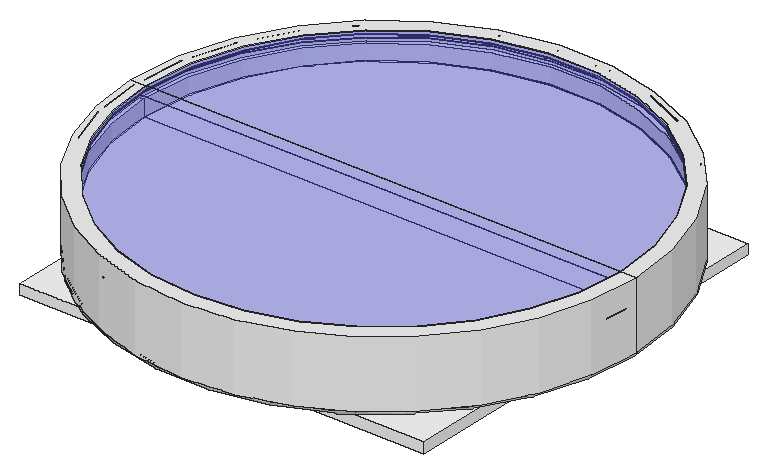
Revit family "BE_34022.1_de_DE", category Leuchten, Revit 2015
Parameters (values of type "BEGA_34022.1_K4")
  built-in parameter 1150104 = 4.9889 (stored number, unit not read)
  Wattage = 110 W
  Default Elevation = 0 mm
  built-in parameter 1150113 = 1 (stored number, unit not read)
  built-in parameter 1114218 = 1 (stored number, unit not read)
  Umgebungstemperatur = ""
  URL = "http://www.bega.de/produkt/34022.1"
  Typenkommentare = "© 2017 BEGA. Wir behalten uns das Recht vor, technische Änderungen ohne vorherige Ankündigung vorzunehmen."  # constant formula
  built-in parameter 1150134 = 12
  built-in parameter 1150109 = 1 (stored number, unit not read)
  Strom = ""
  built-in parameter 1150110 = 1 (stored number, unit not read)
  Spannung = 239.996 V
  Sonderanfertigung = no
  Seriennummer [instance] = "Hier können Sie die eindeutige Seriennummer für das Facility Management eintragen."
  Schutzklasse = "I"
  Schutzart = "IP 20"
  Scheinlast = 0 VA
  Produktdatenblatt = "http://www.bega.de/download/Xrfa/db/34022.1.db.de.pdf"
  Oberflächentemperatur = ""
  Neigungswinkel = 0.00°
  Modell = "34022.1K4"
  Material_17 = BEGA_Reflektor
  Material_15 = BEGA_Leuchtmedium_matt
  Material_11 = BEGA_Glas_opal
  Material_09 = BEGA_Glas_klar
  Material_06 = BEGA_Oberfläche_Edelstahl_gebürstet
  Material_05 = BEGA_Oberfläche_Aluminium Guss
  Material_03 = BEGA_Oberfläche_Weiss_matt
  Material_02 = BEGA_Oberfläche_Silber_matt
  Material_01 [instance] = BEGA_Oberfläche_Grafit_matt
  M_W = no
  M_G = no
  M_A = no
  Logo = 0
  built-in parameter 1114217 = 1 (stored number, unit not read)
  built-in parameter 1150139 = (empty or 0)
  built-in parameter 1150105 = 470.06 (stored number, unit not read)
  built-in parameter 1150114 = 1 (stored number, unit not read)
  Lumens = 5907 lm
  built-in parameter 1150115 = 1 (stored number, unit not read)
  Leuchtenlichtstrom = "4578 lm"
  Leuchtenanzahl = ""
  Lebensdauerkriterien = "L70 = 50.000 h"
  Lastklassifizierung = Beleuchtung
  built-in parameter 1150112 = 1 (stored number, unit not read)
  Lampenlichtstrom = "10740 lm"
  Lampe = "LED 110 W"
  LED_Modulbezeichnung = "6x LED-0464/840 "
  Hersteller = "BEGA"  # constant formula
  Halbstreuwinkel = ""
  Gewicht = "11.1 kg"
  Gebrauchslageneinschränkung [instance] = ""
  Frequenz = "0/50-60 Hz"
  Farbwiedergabeindex = "Ra > 80"
  Farbtemperaturverschiebung bei Dämpfen der Lampe = <Keine Auswahl>
  Farbtemperatur = "4000 K"
  Color Filter = 16777215
  built-in parameter 1150133 = 10 (stored number, unit not read)
  Energieeffizienzklasse = "LED A++ - A"
  built-in parameter 1150137 = (empty or 0)
  built-in parameter 1150132 = (empty or 0)
  ENEC = ""
  Dimmbar [instance] = "DALI"
  Datei für fotometrisches Netz = "BE_34022K4.IES"
  CE_Konformität = "ja"
  Bestellnummer = "34022.1K4"
  Beschreibung_Sonderanfertigung = "Hier können Sie Informationen zur Sonderanfertigung eintragen."
  Beschreibung = "Decken- und Wandleuchte"
  built-in parameter 1150106 = 4.7006 (stored number, unit not read)
  Befestigungsbohrung = ""
  Befestigungsabstand = ""
  Ballwurfsicher = ""
  BEGA_Intern_aus = yes
  BEGA_Intern_an = yes
  BEGA_Intern_Konstruktion = yes
  BEGA_Intern = yes
  BEGA_IES = yes
  BEGA_Dummy = no
  Anschlussleitung = ""
  Anschlussleistung [instance] = "126 W"
  Anschlusskasten = ""
  built-in parameter 1150107 = 4000 (stored number, unit not read)
  built-in parameter 1150102 = (empty or 0)
  built-in parameter 1150138 = (empty or 0)
  Aktualisierung = "2017-06-16T04:08:16"
  Abstand_zur_angestrahlten_Fläche [instance] = ""
  AC/DC = "AC/DC"
Types (2, lengths in mm): name | built-in parameter 1150104 | built-in parameter 1150134 | Modell | built-in parameter 1150105 | Lumens | Leuchtenlichtstrom | Lampenlichtstrom | LED_Modulbezeichnung | Farbtemperatur | Datei für fotometrisches Netz | Bestellnummer | built-in parameter 1150106 | built-in parameter 1150107
  BEGA_34022.1_K3 | 4.7102 (stored number, unit not read) | (empty or 0) | "34022.1" | 443.8 (stored number, unit not read) | 5577 lm | "4323 lm" | "10140 lm" | "6x LED-0464/830 " | "3000 K" | "BE_34022.IES" | "34022.1" | 4.438 (stored number, unit not read) | 3000 (stored number, unit not read)
  BEGA_34022.1_K4 | 4.9889 (stored number, unit not read) | 12 | "34022.1K4" | 470.06 (stored number, unit not read) | 5907 lm | "4578 lm" | "10740 lm" | "6x LED-0464/840 " | "4000 K" | "BE_34022K4.IES" | "34022.1K4" | 4.7006 (stored number, unit not read) | 4000 (stored number, unit not read)
Reference planes
  plane 1 "Mitte (Vorne/Hinten)": y = 0
  plane 2: z = 0
  plane 3 "Mitte (Links/Rechts)": x = 0
  plane 4 "Links": x = -250
  plane 5 "Rechts": x = 250
  plane 6 "Unten": y = -250
  plane 7 "Oben": y = 250
  plane 8 "Vorne": z = 75.5
  plane 9 "Hinten": z = 0
Forms (mm)
  Extrusion 1, solid, material "BEGA_Platte_Weiss"
    sketch origin (0, -1119.2, 0) x (1, 0, 0) y (0, 1, 0)
      loop
        line (-200, 1319.2) -> (-200, 919.2) -> (200, 919.2) -> (200, 1319.2) -> (-200, 1319.2)
    from 0 to -10
  Extrusion 2, solid, material "BEGA_Dummy_matt", visible <- "BEGA_Dummy"
    sketch origin (77.149, -76.023, 0) x (1, 0, 0) y (0, 1, 0)
      loop
        circle (-77.149, 76.023) r 250
    from 0 to 75.5
Dimensions and locks
  plane 1 "Mitte (Vorne/Hinten)" to Extrusion 1 = 200 mm
  aligned and locked: plane 2 to Extrusion 1
  aligned and locked: level to Extrusion 1
Nested families
  nested 1: "BE_34022.1" at (0, 0, 0), type "BE_34022.1"
Connectors
  electrical at (0, 0, 0), driven by "Lastklassifizierung", driven by "Spannung", driven by "Scheinlast"
    settings: index 1, voltage 239.996 V, apparent load 0 VA, apparent load phase1 0 VA, apparent load phase2 0 VA, apparent load phase3 0 VA, power factor 1, load classification "Beleuchtung", number of poles 1, system type 31, power factor state 1, is connector primary yes, connector utility no, sub classification motor no, connector description ""
Definition of nested family "BE_34022.1"
  Parameters (values of type "BE_34022.1")
    Default Elevation = 1 mm
    URL = "http://www.bega.de/de/produkt"
    Type Comments = "© 2015 BEGA. Wir behalten uns das Recht vor, technische Änderungen ohne vorherige Ankündigung vorzunehmen. "  # constant formula
    Type Image = (empty or 0)
    Neigungswinkel_um_Z2 = 0.00°
    Neigungswinkel_um_Z1 = 0.00°
    Neigungswinkel_um_Y2 = 0.00°
    Neigungswinkel_um_Y1 = 0.00°
    Neigungswinkel_um_X2 = 0.00°
    Neigungswinkel_um_X1 = 0.00°
    Material_17 = none
    Material_15 = none
    Material_11 = none
    Material_09 = none
    Material_06 = none
    Material_05 = none
    Material_03 = none
    Material_02 = none
    Material_01 = none
    M_W = yes
    M_G = yes
    M_A = yes
    Länge_Platte = 700 mm  # constant formula
    Höhe_Platte = -10 mm  # constant formula
    Manufacturer = "BEGA"  # constant formula
    Drehwinkel_um_Z2 = 0.00°
    Drehwinkel_um_Z1 = 0.00°
    Breite_Platte = 700 mm  # constant formula
  Reference planes
    plane 1 "Mitte (Oben/Unten)": y = 0
    plane 2: z = 0
    plane 3 "Mitte (Links/Rechts)": x = 0
    plane 4: x = -250
    plane 5: x = 250
    plane 6: z = 75.5
    plane 7: y = -250
    plane 8: y = 250
  Forms (mm)
    Extrusion 1, solid, detail levels medium
      sketch origin (0, 0, 0) x (1, 0, 0) y (0, 1, 0)
        loop
          line (-350, 350) -> (-350, -350) -> (350, -350) -> (350, 350) -> (-350, 350)
      from 0 to -10 <- "Höhe_Platte"
    Extrusion 2, solid, material <- "Material_03", detail levels medium+fine
      sketch origin (0, 0, 0) x (1, 0, 0) y (0, 0, 1)
        loop
          line (-208.75, 37.3) -> (-211.75, 37.3) -> (-211.75, 8.3)
          arc (-211.75, 8.3) -> (-210.578, 5.472) -> (-207.75, 4.3) r 4
          line (-207.75, 4.3) -> (7.28, 4.3) -> (7.28, 7.3) -> (-207.75, 7.3)
          arc (-207.75, 7.3) -> (-208.457, 7.593) -> (-208.75, 8.3) r 1
          line (-208.75, 8.3) -> (-208.75, 37.3)
        loop
          line (100.806, 4.3) -> (217.25, 4.3) -> (217.25, 7.3) -> (100.806, 7.3) -> (100.806, 4.3)
      from -68 to 68
    Extrusion 3, solid, material <- "Material_03", detail levels medium+fine
      sketch origin (0, 0, 0) x (1, 0, 0) y (0, 0, 1)
        loop
          line (100.806, 4.3) -> (7.28, 4.3) -> (7.28, 0.3) -> (100.806, 0.3) -> (100.806, 4.3)
      from -170.471 to 171.085
    Revolve 4, solid, material <- "Material_03", detail levels medium+fine
      sketch origin (0, 0, 0) x (1, 0, 0) y (0, 0, 1)
        loop
          line (165.473, 4.3) -> (170.908, 0) -> (174.5, 0) -> (174.5, 3.044) -> (171.895, 3.044) -> (166.6, 7.3) -> (163.018, 7.3) -> (163.018, 4.3) -> (165.473, 4.3)
        axis (177.25, 0) -> (177.25, 7.3)
      angle from 0 to 360
    Revolve 5, solid, material <- "Material_03", detail levels medium+fine
      sketch origin (-50, 30, 0) x (1, 0, 0) y (0, 0, 1)
        loop
          line (165.473, 4.3) -> (170.908, 0) -> (174.5, 0) -> (174.5, 3.044) -> (171.895, 3.044) -> (166.6, 7.3) -> (163.018, 7.3) -> (163.018, 4.3) -> (165.473, 4.3)
        axis (177.25, 0) -> (177.25, 7.3)
      angle from 0 to 360
    Revolve 6, solid, material <- "Material_03", detail levels medium+fine
      sketch origin (-50, -30, 0) x (1, 0, 0) y (0, 0, 1)
        loop
          line (165.473, 4.3) -> (170.908, 0) -> (174.5, 0) -> (174.5, 3.044) -> (171.895, 3.044) -> (166.6, 7.3) -> (163.018, 7.3) -> (163.018, 4.3) -> (165.473, 4.3)
        axis (177.25, 0) -> (177.25, 7.3)
      angle from 0 to 360
    Revolve 7, solid, material <- "Material_03", detail levels medium+fine
      sketch origin (-235, 0, 0) x (1, 0, 0) y (0, 0, 1)
        loop
          line (165.473, 4.3) -> (170.908, 0) -> (174.5, 0) -> (174.5, 3.044) -> (171.895, 3.044) -> (166.6, 7.3) -> (163.018, 7.3) -> (163.018, 4.3) -> (165.473, 4.3)
        axis (177.25, 0) -> (177.25, 7.3)
      angle from 0 to 360
    Revolve 8, solid, material <- "Material_03", detail levels medium+fine
      sketch origin (-360, -40, 0) x (1, 0, 0) y (0, 0, 1)
        loop
          line (165.473, 4.3) -> (170.908, 0) -> (174.5, 0) -> (174.5, 3.044) -> (171.895, 3.044) -> (166.6, 7.3) -> (163.018, 7.3) -> (163.018, 4.3) -> (165.473, 4.3)
        axis (177.25, 0) -> (177.25, 7.3)
      angle from 0 to 360
    Revolve 9, solid, material <- "Material_03", detail levels medium+fine
      sketch origin (-360, 40, 0) x (1, 0, 0) y (0, 0, 1)
        loop
          line (165.473, 4.3) -> (170.908, 0) -> (174.5, 0) -> (174.5, 3.044) -> (171.895, 3.044) -> (166.6, 7.3) -> (163.018, 7.3) -> (163.018, 4.3) -> (165.473, 4.3)
        axis (177.25, 0) -> (177.25, 7.3)
      angle from 0 to 360
    Revolve 10, solid, material <- "Material_03", detail levels medium+fine
      sketch origin (0, 0, 0) x (1, 0, 0) y (0, 0, 1)
        loop
          line (-235, 72.5) -> (-235, 75.5) -> (-250, 75.5) -> (-250, 9)
          arc (-250, 9) -> (-248.975, 6.525) -> (-246.5, 5.5) r 3.5
          arc (-246.5, 5.5) -> (-245.892, 5.553) -> (-245.303, 5.711) r 3.5
          line (-245.303, 5.711) -> (-241.5, 7.095) -> (-242.526, 9.914) -> (-246.329, 8.53)
          arc (-246.329, 8.53) -> (-246.787, 8.591) -> (-247, 9) r 0.5
          line (-247, 9) -> (-247, 71.5)
          arc (-247, 71.5) -> (-246.707, 72.207) -> (-246, 72.5) r 1
          line (-246, 72.5) -> (-235, 72.5)
        axis (0, 5.5) -> (0, 75.5)
      angle from 0 to 360
    Revolve 11, solid, material <- "Material_03", detail levels medium+fine
      sketch origin (0, 0, 0) x (1, 0, 0) y (0, 0, 1)
        loop
          line (-241, 62.5) -> (-241, 47.302)
          arc (-241, 47.302) -> (-239.682, 44.12) -> (-236.5, 42.8) r 4.5
          line (-236.5, 42.8) -> (0, 42.8) -> (0, 46.8) -> (-236.5, 46.8)
          arc (-236.5, 46.8) -> (-236.854, 46.947) -> (-237, 47.3) r 0.5
          line (-237, 47.3) -> (-237, 62.5) -> (-241, 62.5)
        axis (0, 42.8) -> (0, 62.5)
      angle from 0 to 360
    Revolve 12, solid, material <- "Material_11", detail levels medium+fine
      sketch origin (0, 0, 0) x (1, 0, 0) y (0, 0, 1)
        loop
          arc (-234, 71.5) -> (-234.146, 71.147) -> (-234.5, 71) r 0.5
          line (-234.5, 71) -> (-241, 71) -> (-241, 65.3) -> (0, 65.3) -> (0, 75.3) -> (-234, 75.3) -> (-234, 71.5)
        axis (0, 65.3) -> (0, 75.3)
      angle from 0 to 360
    Extrusion 13, void
      sketch origin (0, 0, 0) x (1, 0, 0) y (0, 1, 0)
        loop
          circle (-12.75, 12) r 8.5
        loop
          circle (-12.75, 47) r 8.5
      from 0 to 11.8
    Revolve 14, void
      sketch origin (0, 0, 0) x (1, 0, 0) y (0, 0, 1)
        loop
          line (-244.826, 23) -> (-250.623, 23) -> (-250.623, 19) -> (-244.826, 19) -> (-244.826, 23)
        axis (-250.623, 19) -> (-244.826, 19)
      angle from 0 to 360
    Revolve 15, solid, material <- "Material_06", detail levels fine
      sketch origin (0, 0, 0) x (1, 0, 0) y (0, 0, 1)
        loop
          line (-247, 22.25) -> (-250, 21.75) -> (-250, 19) -> (-199.59, 19) -> (-199.59, 22.25) -> (-228, 22.25) -> (-234.7, 25) -> (-247, 25) -> (-247, 22.25)
        axis (-250, 19) -> (-199.59, 19)
      angle from 0 to 360
  Cuts and joins
    Extrusion 13 cuts Extrusion 2
    Extrusion 13 cuts Extrusion 3
    Extrusion 13 cuts Revolve 4
    Extrusion 13 cuts Revolve 5
    Extrusion 13 cuts Revolve 6
    Extrusion 13 cuts Revolve 7
    Extrusion 13 cuts Revolve 8
    Extrusion 13 cuts Revolve 9
    Extrusion 13 cuts Revolve 11
    joined: Extrusion 2, Extrusion 3, Revolve 4, Revolve 5, Revolve 6, Revolve 7, Revolve 8, Revolve 9, Revolve 11
    Revolve 14 cuts Revolve 10
  Dimensions and locks
    equal spacing: Extrusion 1 sketch curve, plane 3 "Mitte (Links/Rechts)", Extrusion 1 sketch curve
    equal spacing: Extrusion 1 sketch curve, plane 1 "Mitte (Oben/Unten)", Extrusion 1 sketch curve
    "Länge_Platte": Extrusion 1 sketch curve to Extrusion 1 sketch curve
    "Breite_Platte": Extrusion 1 sketch curve to Extrusion 1 sketch curve
    aligned and locked: Extrusion 1 to plane 2
    aligned and locked: level to Extrusion 1
  Automatic sketch dimensions
    Extrusion 2 sketch curve to Extrusion 2 sketch curve = 0 mm  (x2)
    Extrusion 2 sketch curve to Extrusion 2 sketch curve = 3 mm
    Extrusion 2 sketch curve to Extrusion 2 sketch curve = 1 mm
    plane 3 "Mitte (Links/Rechts)" to Extrusion 2 sketch curve = 7.28 mm
    level to Extrusion 2 sketch curve = 7.3 mm
    Extrusion 2 sketch curve to Extrusion 2 sketch curve = 93.526 mm
    level to Extrusion 2 sketch curve = 4.3 mm  (x2)
    Extrusion 2 sketch curve to Extrusion 2 sketch curve = 29 mm
    plane 3 "Mitte (Links/Rechts)" to Extrusion 3 sketch curve = 7.28 mm
    level to Extrusion 3 sketch curve = 0.3 mm
    Extrusion 3 sketch curve to Extrusion 3 sketch curve = 93.526 mm
    Extrusion 3 sketch curve to Extrusion 3 sketch curve = 4 mm
    Revolve 4 sketch curve to level = 0 mm
    level to Revolve 4 sketch curve = 4.3 mm
    Revolve 4 sketch curve to Revolve 4 sketch curve = 2.456 mm
    Revolve 4 sketch curve to Revolve 4 sketch curve = 1.127 mm
    Revolve 4 sketch curve to Revolve 4 sketch curve = 5.434 mm
    Revolve 4 sketch curve to Revolve 4 sketch curve = 0.988 mm
    Revolve 4 sketch curve to Revolve 4 sketch curve = 3.592 mm
    Revolve 4 sketch curve to Revolve 4 sketch curve = 3.044 mm
    Revolve 4 sketch curve to Revolve 4 sketch curve = 3 mm
    Revolve 4 sketch curve to Revolve 4 sketch curve = 2.75 mm
    Revolve 4 sketch curve to level = 1.26 mm
    Revolve 4 sketch curve to Revolve 4 sketch curve = 2.283 mm
    Revolve 5 sketch curve to level = 0 mm
    level to Revolve 5 sketch curve = 4.3 mm
    Revolve 5 sketch curve to Revolve 5 sketch curve = 2.456 mm
    Revolve 5 sketch curve to Revolve 5 sketch curve = 1.127 mm
    Revolve 5 sketch curve to Revolve 5 sketch curve = 5.434 mm
    Revolve 5 sketch curve to Revolve 5 sketch curve = 0.988 mm
    Revolve 5 sketch curve to Revolve 5 sketch curve = 3.592 mm
    Revolve 5 sketch curve to Revolve 5 sketch curve = 3.044 mm
    Revolve 5 sketch curve to Revolve 5 sketch curve = 3 mm
    Revolve 5 sketch curve to Revolve 5 sketch curve = 2.75 mm
    Revolve 5 sketch curve to level = 1.26 mm
    Revolve 5 sketch curve to Revolve 5 sketch curve = 2.283 mm
    Revolve 6 sketch curve to level = 0 mm
    level to Revolve 6 sketch curve = 4.3 mm
    Revolve 6 sketch curve to Revolve 6 sketch curve = 2.456 mm
    Revolve 6 sketch curve to Revolve 6 sketch curve = 1.127 mm
    Revolve 6 sketch curve to Revolve 6 sketch curve = 5.434 mm
    Revolve 6 sketch curve to Revolve 6 sketch curve = 0.988 mm
    Revolve 6 sketch curve to Revolve 6 sketch curve = 3.592 mm
    Revolve 6 sketch curve to Revolve 6 sketch curve = 3.044 mm
    Revolve 6 sketch curve to Revolve 6 sketch curve = 3 mm
    Revolve 6 sketch curve to Revolve 6 sketch curve = 2.75 mm
    Revolve 6 sketch curve to level = 1.26 mm
    Revolve 6 sketch curve to Revolve 6 sketch curve = 2.283 mm
    Revolve 7 sketch curve to level = 0 mm
    level to Revolve 7 sketch curve = 4.3 mm
    Revolve 7 sketch curve to plane 3 "Mitte (Links/Rechts)" = 71.982 mm
    Revolve 7 sketch curve to Revolve 7 sketch curve = 2.456 mm
    Revolve 7 sketch curve to Revolve 7 sketch curve = 1.127 mm
    Revolve 7 sketch curve to Revolve 7 sketch curve = 5.434 mm
    Revolve 7 sketch curve to Revolve 7 sketch curve = 0.988 mm
    Revolve 7 sketch curve to Revolve 7 sketch curve = 3.592 mm
    Revolve 7 sketch curve to Revolve 7 sketch curve = 3.044 mm
    Revolve 7 sketch curve to Revolve 7 sketch curve = 3 mm
    Revolve 7 sketch curve to Revolve 7 sketch curve = 2.75 mm
    Revolve 7 sketch curve to level = 1.26 mm
    Revolve 7 sketch curve to Revolve 7 sketch curve = 2.283 mm
    Revolve 8 sketch curve to level = 0 mm
    Revolve 8 sketch curve to Revolve 8 sketch curve = 2.456 mm
    Revolve 8 sketch curve to Revolve 8 sketch curve = 1.127 mm
    Revolve 8 sketch curve to Revolve 8 sketch curve = 5.434 mm
    Revolve 8 sketch curve to Revolve 8 sketch curve = 0.988 mm
    Revolve 8 sketch curve to Revolve 8 sketch curve = 3.592 mm
    Revolve 8 sketch curve to Revolve 8 sketch curve = 3.044 mm
    level to Revolve 8 sketch curve = 4.3 mm
    Revolve 8 sketch curve to Revolve 8 sketch curve = 3 mm
    Revolve 8 sketch curve to Revolve 8 sketch curve = 2.75 mm
    Revolve 8 sketch curve to level = 1.26 mm
    Revolve 8 sketch curve to Revolve 8 sketch curve = 2.283 mm
    Revolve 9 sketch curve to level = 0 mm
    Revolve 9 sketch curve to Revolve 9 sketch curve = 2.456 mm
    Revolve 9 sketch curve to Revolve 9 sketch curve = 1.127 mm
    Revolve 9 sketch curve to Revolve 9 sketch curve = 5.434 mm
    Revolve 9 sketch curve to Revolve 9 sketch curve = 0.988 mm
    Revolve 9 sketch curve to Revolve 9 sketch curve = 3.592 mm
    Revolve 9 sketch curve to Revolve 9 sketch curve = 3.044 mm
    level to Revolve 9 sketch curve = 4.3 mm
    Revolve 9 sketch curve to Revolve 9 sketch curve = 3 mm
    Revolve 9 sketch curve to Revolve 9 sketch curve = 2.75 mm
    Revolve 9 sketch curve to level = 1.26 mm
    Revolve 9 sketch curve to Revolve 9 sketch curve = 2.283 mm
    Revolve 10 sketch curve to Revolve 10 sketch curve = 0 mm  (x13)
    Revolve 10 sketch curve to plane 3 "Mitte (Links/Rechts)" = 0 mm
    level to Revolve 10 sketch curve = 7.095 mm
    level to Revolve 10 sketch curve = 9.914 mm
    Revolve 10 sketch curve to Revolve 10 sketch curve = 1.026 mm
    Revolve 10 sketch curve to Revolve 10 sketch curve = 11 mm
    Revolve 10 sketch curve to Revolve 10 sketch curve = 3.974 mm
    Revolve 10 sketch curve to Revolve 10 sketch curve = 1 mm
    Revolve 10 sketch curve to Revolve 10 sketch curve = 4 mm
    Revolve 10 sketch curve to Revolve 10 sketch curve = 0.914 mm
    Revolve 10 sketch curve to Revolve 10 sketch curve = 61.586 mm
    Revolve 10 sketch curve to Revolve 10 sketch curve = 3 mm
    level to Revolve 10 sketch curve = 5.711 mm
    Revolve 10 sketch curve to Revolve 10 sketch curve = 1.197 mm  (x2)
    level to Revolve 10 sketch curve = 8.53 mm
    Revolve 10 sketch curve to Revolve 10 sketch curve = 0.171 mm
    level to Revolve 10 sketch curve = 57.5 mm
    Revolve 10 sketch curve to Revolve 10 sketch curve = 25 mm
    Revolve 11 sketch curve to plane 3 "Mitte (Links/Rechts)" = 0 mm  (x2)
    Revolve 11 sketch curve to Revolve 11 sketch curve = 0 mm  (x3)
    Revolve 11 sketch curve to Revolve 11 sketch curve = 0.5 mm
    Revolve 11 sketch curve to Revolve 11 sketch curve = 4 mm  (x2)
    level to Revolve 11 sketch curve = 42.8 mm
    Revolve 11 sketch curve to Revolve 11 sketch curve = 0.002 mm
    Revolve 11 sketch curve to Revolve 11 sketch curve = 15.199 mm
    Revolve 11 sketch curve to Revolve 11 sketch curve = 11.048 mm
    Revolve 11 sketch curve to Revolve 11 sketch curve = 8.303 mm
    Revolve 12 sketch curve to plane 3 "Mitte (Links/Rechts)" = 0 mm  (x2)
    Revolve 12 sketch curve to Revolve 12 sketch curve = 0.5 mm
    level to Revolve 12 sketch curve = 65.3 mm
    Revolve 12 sketch curve to Revolve 12 sketch curve = 5.7 mm
    Revolve 12 sketch curve to Revolve 12 sketch curve = 10 mm  (x2)
    Revolve 12 sketch curve to Revolve 12 sketch curve = 6.5 mm
    Revolve 12 sketch curve to Revolve 12 sketch curve = 5 mm
    Extrusion 13 sketch curve to plane 3 "Mitte (Links/Rechts)" = 12.75 mm  (x2)
    Extrusion 13 sketch curve to plane 1 "Mitte (Oben/Unten)" = 12 mm
    Extrusion 13 sketch curve to Extrusion 13 sketch curve = 35 mm
    plane 4 to Extrusion 2 sketch curve = 42.25 mm
    plane 4 to Revolve 8 sketch curve = 53.018 mm
    plane 4 to Revolve 9 sketch curve = 53.018 mm
    Revolve 10 sketch curve to plane 4 = 0 mm
    Revolve 10 sketch curve to Revolve 10 sketch curve = 0.5 mm
    plane 4 to Revolve 11 sketch curve = 13.5 mm
    plane 4 to Revolve 12 sketch curve = 16 mm
    plane 5 to Extrusion 2 sketch curve = 32.75 mm
    plane 5 to Revolve 4 sketch curve = 86.982 mm
    plane 3 "Mitte (Links/Rechts)" to Revolve 5 sketch curve = 113.018 mm
    plane 3 "Mitte (Links/Rechts)" to Revolve 6 sketch curve = 113.018 mm
    Revolve 14 sketch curve to plane 4 = 0.623 mm
    plane 4 to Revolve 14 sketch curve = 5.174 mm
    level to Revolve 14 sketch curve = 19 mm
    Revolve 14 sketch curve to Revolve 14 sketch curve = 4 mm
    Revolve 14 sketch curve to Revolve 14 sketch curve = 0 mm  (x3)
    Revolve 15 sketch curve to plane 4 = 0 mm
    plane 4 to Revolve 15 sketch curve = 3 mm
    Revolve 15 sketch curve to Revolve 15 sketch curve = 12.3 mm
    Revolve 15 sketch curve to Revolve 15 sketch curve = 6.7 mm
    Revolve 15 sketch curve to Revolve 15 sketch curve = 28.41 mm
    level to Revolve 15 sketch curve = 19 mm
    Revolve 15 sketch curve to Revolve 15 sketch curve = 2.75 mm  (x2)
    Revolve 15 sketch curve to Revolve 15 sketch curve = 3.25 mm
    Revolve 15 sketch curve to Revolve 15 sketch curve = 6.463 mm
    Revolve 15 sketch curve to Revolve 15 sketch curve = 2.032 mm
    Revolve 15 sketch curve to Revolve 15 sketch curve = 6 mm
    Revolve 15 sketch curve to Revolve 15 sketch curve = 0.5 mm
    radius of Extrusion 13 sketch curve = 8.5 mm  (x2)
